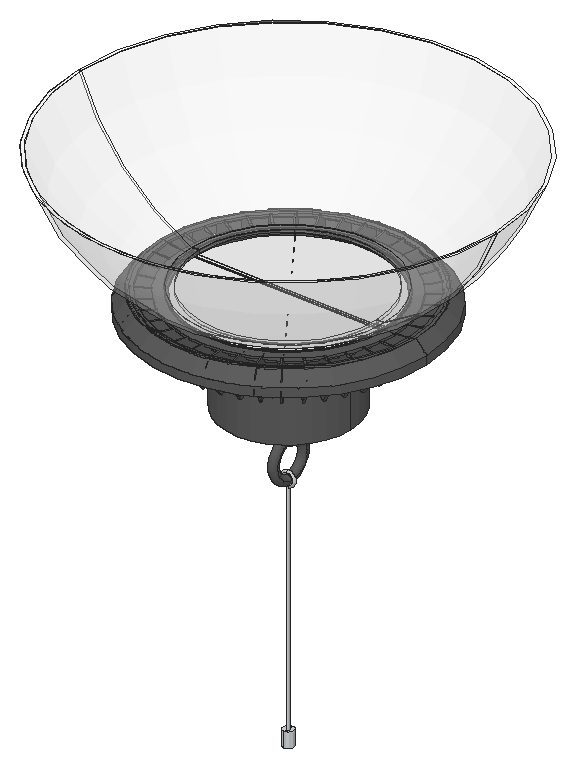
Revit family "0039365+0039358 Sylvania Lighting Fixture START HighBay IP65 DALI 13000lm 840 WB with PC LAMPSHADE TRANSPARENT 13 19KLM pendant", category Lighting Fixtures, host Face, Revit 2017
Family settings
  Host = Face
  Round Connector Dimension = Use Diameter
  Part Type = Normal
  OmniClass Number = 23.80.70.00
  OmniClass Title = Lighting
  Cut with Voids When Loaded = No
  Light Source = Yes
  Shared = No
  Room Calculation Point = No
Parameters (values of type "0039365+0039358 START HighBay IP65 DALI 13000lm 840 WB with PC LAMPSHADE TRANSPARENT 13/19KLM")
  WidthStraight_FEILO = if(SizeS_FEILO, 3 mm, if(SizeM_FEILO, 4 mm, 4.7 mm))  # 3 mm
  WidthRingChamfer_FEILO = if(SizeS_FEILO, 10.3 mm, if(SizeM_FEILO, 11.2 mm, 12.9 mm))  # 10.3 mm
  WidthCurved_FEILO = if(SizeS_FEILO, 17.4 mm, if(SizeM_FEILO, 16.4 mm, 26.2 mm))  # 17.4 mm
  WidthCurvedRing_FEILO = if(SizeS_FEILO, 3 mm, if(SizeM_FEILO, 4 mm, 4.7 mm))  # 3 mm
  WidthBracket_FEILO = 40 mm
  Weight = "3.0 kg"
  Wattage Comments = ""
  Wattage = 90 W
  WarrantyStartDate [instance] = "n/a"
  WarrantyGuarantorParts = "n/a"
  WarrantyDurationUnit = "n/a"
  WarrantyDurationParts = "n/a"
  WarrantyDescription = "n/a"
  built-in parameter 1150110 = 1 (stored number, unit not read)
  Voltage = 0 V
  VisibilityBracket_FEILO = no
  URL = "http://www.sylvania-lighting.com"
  TypeName = "START HighBay IP65 DALI 13000lm 840 WB with PC LAMPSHADE TRANSPARENT 13/19KLM"
  Type Image = <None>
  Type Comments = "n/a"
  built-in parameter 1114217 = 1 (stored number, unit not read)
  Tilt Angle = -90.00°
  ThicknessWall_FEILO = 1.5 mm
  ThicknessBracket_FEILO = 1.5 mm
  ThicknessBracketHalf_FEILO = ThicknessBracket_FEILO / 2  # 0.75 mm
  built-in parameter 1150109 = 1 (stored number, unit not read)
  built-in parameter 1150134 = 1
  SuspensionHeight_FEILO [instance] = 400 mm
  built-in parameter 1150113 = 1 (stored number, unit not read)
  SizeS_FEILO = yes
  SizeM_FEILO = no
  ShadeThickness_FEILO = 3 mm
  ShadeSizeSM_FEILO = or(SizeS_FEILO, SizeM_FEILO)  # yes
  ShadeRadiusOut_FEILO = 205 mm
  ShadeRadiusIn_FEILO = if(ShadeSizeSM_FEILO, 95 mm, 121 mm)  # 95 mm
  ShadeRadiusBend_FEILO = if(ShadeSizeSM_FEILO, 210 mm, 210 mm)  # 210 mm
  ShadeHeight_FEILO = if(ShadeSizeSM_FEILO, 120 mm, 151 mm)  # 120 mm
  SerialNumber [instance] = "n/a"
  Rib4_FEILO = if(SizeS_FEILO, 18.1 mm, if(SizeM_FEILO, 13.6 mm, 14.6 mm))  # 18.1 mm
  Rib3_FEILO = if(SizeS_FEILO, 15.3 mm, if(SizeM_FEILO, 17.6 mm, 20.2 mm))  # 15.3 mm
  Rib2_FEILO = if(SizeS_FEILO, 3.6 mm, if(SizeM_FEILO, 3.9 mm, 4.5 mm))  # 3.6 mm
  Rib1_FEILO = if(SizeS_FEILO, 15.1 mm, if(SizeM_FEILO, 16.5 mm, 19 mm))  # 15.1 mm
  RadiusDiffuser_FEILO = if(SizeS_FEILO, 95.2 mm, if(SizeM_FEILO, 105.3 mm, 120 mm))  # 95.2 mm
  RadiusArrayPost_FEILO = DriverRadius_FEILO - 6 mm  # 55.4 mm
  RHRadius3_FEILO = if(SizeS_FEILO, 6.6 mm, if(SizeM_FEILO, 7.4 mm, 8.6 mm))  # 6.6 mm
  RHRadius2_FEILO = if(SizeS_FEILO, 11 mm, if(SizeM_FEILO, 12 mm, 14 mm))  # 11 mm
  RHRadius1_FEILO = if(SizeS_FEILO, 13.6 mm, if(SizeM_FEILO, 14.9 mm, 17.7 mm))  # 13.6 mm
  RHHeight4_FEILO = if(SizeS_FEILO, 7.3 mm, if(SizeM_FEILO, 8 mm, 9.2 mm))  # 7.3 mm
  RHHeight3_FEILO = if(SizeS_FEILO, 3.6 mm, if(SizeM_FEILO, 3.7 mm, 4.6 mm))  # 3.6 mm
  RHHeight2_FEILO = if(SizeS_FEILO, 2 mm, if(SizeM_FEILO, 2.2 mm, 2.6 mm))  # 2 mm
  RHHeight1_FEILO = if(SizeS_FEILO, 11.8 mm, if(SizeM_FEILO, 15.3 mm, 17.4 mm))  # 11.8 mm
  Photometric Web File = "0039365+0039358.ies"
  Material_5_FEILO = Shade-Sylvania-StartHighbay-PC
  Material_3_FEILO = LED-Sylvania-StartHighbay-Glow
  PowerFactor = 0.95
  PowerConsumption = "90 W"
  NominalLength = 270 mm
  NominalHeight = 175 mm
  NominalDepth = 270 mm
  Name = "START HighBay IP65 DALI 13000lm 840 WB with PC LAMPSHADE TRANSPARENT 13/19KLM"
  ModelReference = Name  # "START HighBay IP65 DALI 13000lm 840 WB with PC LAMPSHADE TRANSPARENT 13/19KLM"
  ModelNumber = "0039365+0039358"
  Model = Name  # "START HighBay IP65 DALI 13000lm 840 WB with PC LAMPSHADE TRANSPARENT 13/19KLM"
  Material = "aluminium alloy housing, polycarbonate diffuser"
  ManufacturerName = "Feilo Sylvania"
  Manufacturer = "Feilo Sylvania"
  LuminousEfficacy = "130 lm/W"
  built-in parameter 1150105 = 15814.1 (stored number, unit not read)
  Lumens = 11700 lm
  LuminaireType = ""
  built-in parameter 1150115 = 1 (stored number, unit not read)
  LightOutputRatio = "n/a"
  built-in parameter 1150137 = (empty or 0)
  built-in parameter 1150139 = (empty or 0)
  LampsType = Lamp  # "LED"
  LampNominalLuminous = "11700 lm"
  LampMacAdamStep = "6"
  LampColourTemperature = "6500 K"
  LampColourRenderingIndex = "80"
  built-in parameter 1150112 = 1 (stored number, unit not read)
  built-in parameter 1150114 = 1 (stored number, unit not read)
  Lamp = "LED"
  Keynote = "16500"
  InstallationDate [instance] = "n/a"
  InputVoltage = "n/a"
  InputNominalFrequency = "50/60 Hz"
  built-in parameter 1150132 = (empty or 0)
  built-in parameter 1150102 = (empty or 0)
  built-in parameter 1150107 = 6500 (stored number, unit not read)
  built-in parameter 1150138 = (empty or 0)
  IngressProtection = "IP65"
  ImpactProtectionIndex = "IK08"
  built-in parameter 1150106 = 158.14 (stored number, unit not read)
  IfcExportType = "IfcLightFixtureType"
  IfcExportAs = "IfcLightFixtureType"
  HeightRing_FEILO = if(SizeS_FEILO, 19.8 mm, if(SizeM_FEILO, 32 mm, 36.8 mm))  # 19.8 mm
  HeightRingChamfer_FEILO = if(SizeS_FEILO, 11.7 mm, if(SizeM_FEILO, 23.2 mm, 26.6 mm))  # 11.7 mm
  EyeThickness_FEILO = if(SizeS_FEILO, 8.4 mm, if(SizeM_FEILO, 9.2 mm, 10.5 mm))  # 8.4 mm
  EyeThicknessHalf_FEILO = EyeThickness_FEILO / 2  # 4.2 mm
  EyeInner_FEILO = if(SizeS_FEILO, 13.8 mm, if(SizeM_FEILO, 15.1 mm, 17.3 mm))  # 13.8 mm
  ExpectedLife = 50000
  Emit from Circle Diameter = RadiusDiffuser_FEILO * 2  # 190.4 mm
  Emit Shape Visible in Rendering = no
  ElectricShockClassification = "Class I"
  built-in parameter 1150104 = 12.077 (stored number, unit not read)
  DurationUnit = "hours"
  DriverVerticalStraight_FEILO = if(SizeS_FEILO, 46.5 mm, if(SizeM_FEILO, 49.7 mm, 57 mm))  # 46.5 mm
  DriverVerticalChamfer_FEILO = if(SizeS_FEILO, 7.5 mm, if(SizeM_FEILO, 8.2 mm, 9.5 mm))  # 7.5 mm
  DriverRadius_FEILO = if(SizeS_FEILO, 61.4 mm, if(SizeM_FEILO, 67.2 mm, 76.4 mm))  # 61.4 mm
  DriverRadiusTop_FEILO = if(SizeS_FEILO, 42 mm, if(SizeM_FEILO, 45.3 mm, 52.4 mm))  # 42 mm
  DriverBottom_FEILO = if(SizeS_FEILO, 56 mm, if(SizeM_FEILO, 64.5 mm, 74 mm))  # 56 mm
  DocumentationLiterature = "http://www.sylvania-lighting.com/product/en-int/products/0039365"
  DimmingControlOptions = "Dimmable"
  Material_2_FEILO = Diffuser-Sylvania-StartHighbay-Transparent
  Radius_FEILO = if(SizeS_FEILO, 135 mm, if(SizeM_FEILO, 148 mm, 169.5 mm))  # 135 mm
  Dimming Lamp Color Temperature Shift = <None>
  DiameterWire_FEILO = 3 mm
  DiameterWireSupport_FEILO = 10 mm
  Description = "START Highbay, includes 1 m cables, black aluminium housing, 11,700 Lm, 90 W, 130 Lm/W, 6500 K, drive current: 2000 mA, CRI 80, 90° beam angle, DALI dimmable, IP65, IK08, 50,000 hrs (L80/B50), (D x H) 270 x 175 mm."
  Default Elevation = 1219.2 mm
  CreatedOn = "5/15/2018"
  CreatedBy = ""
  Cost = 0
  Color Filter = 16777215
  built-in parameter 1114216 [instance] = (empty or 0)
  ClassificationValue = "EF_70_80"
  ClassificationName = "Uniclass2015"
  Material_1_FEILO = Body-Sylvania-StartHighbay-Black
  BarCode [instance] = "n/a"
  built-in parameter 1114218 = 1 (stored number, unit not read)
  built-in parameter 1150133 = 10 (stored number, unit not read)
  AssetType = "Fixed"
  AssetIdentifier [instance] = "n/a"
  Assembly Code = "D5020200"
  Apparent Load = 90 VA
  Material_4_FEILO = Shade-Sylvania-StartHighbay-PC
Reference planes
  plane 1 "Center (Front/Back)": y = 0
  plane 2: z = 0
  plane 3 "Center (Left/Right)": x = 0
  plane 4: z = 400
  plane 5: x = -135
  plane 6: x = -124.7
  plane 7: z = 388.3
  plane 8: z = 380.2
  plane 9: x = -121.7
  plane 10: z = 397.375
  plane 11: x = -104.3
  plane 12: x = -95.2
  plane 13: x = -118.7
  plane 14: z = 398.375
  plane 15: z = 396.375
  plane 16: x = -92.2
  plane 17: z = 395.375
  plane 18: x = -133.5
  plane 19: x = -119.9
  plane 20: z = 376.6
  plane 21: x = -104.6
  plane 22: z = 358.5
  plane 23: x = -20
  plane 24: z = 344
  plane 25: x = -61.4
  plane 26: z = 297.5
  plane 27: x = -42
  plane 28: z = 290
  plane 29: x = -13.6
  plane 30: z = 278.2
  plane 31: z = 276.2
  plane 32: x = -11
  plane 33: z = 272.6
  plane 34: z = 265.3
  plane 35: x = -6.6
  plane 36: z = 251.5
  plane 37: z = 237.7
  plane 38: x = 4.2
  plane 39: x = -4.2
  plane 40: z = 229.3
  plane 41: z = 233.5
  plane 42: x = -129.1
  plane 43: x = -132.5
  plane 44: z = 378.7
  plane 45: x = -123.2
  plane 46: z = 320.75
  plane 47: y = -20
  plane 48: y = 20
  plane 49: x = 135
  plane 50: x = 124.7
  plane 51: x = 133.5
  plane 52: x = 129.1
  plane 53: x = 132.5
  plane 54: x = 123.2
  plane 55: z = 240.7
  plane 56: y = 1.5
  plane 57: y = -1.5
  plane 58: z = 239.2
  plane 59: z = 227.8
  plane 60: z = 226.3
  plane 61: y = -5
  plane 62: y = 5
  plane 63: z = 14
  plane 64: x = -205
  plane 65: z = 520
  plane 66: x = -95
  plane 67: x = -87
  plane 68: x = -202
  plane 69: z = 403
Forms (mm)
  Revolve 1, solid, material "Body-Sylvania-StartHighbay-Black" <- "Material_1_FEILO", detail levels medium+fine
    sketch origin (0, 0, 0) x (1, 0, 0) y (0, 0, 1)
      loop
        line (-135, 380.2) -> (-133.5, 380.2) -> (-133.5, 387.734) -> (-125.012, 397.375) -> (-118.7, 397.375) -> (-118.7, 399.16)
        arc (-118.7, 399.16) -> (-120.206, 399.56) -> (-121.7, 400) r 58.981
        line (-121.7, 400) -> (-124.241, 400)
        arc (-124.241, 400) -> (-124.657, 399.911) -> (-124.999, 399.66) r 1.015
        line (-124.999, 399.66) -> (-135, 388.3) -> (-135, 380.2)
      axis (0, 400) -> (0, 380.2)
    angle from 360 to 0
  Revolve 2, solid, material "Body-Sylvania-StartHighbay-Black" <- "Material_1_FEILO", detail levels medium+fine
    sketch origin (0, 0, 0) x (1, 0, 0) y (0, 0, 1)
      loop
        line (-104.3, 395.375) -> (-95.2, 395.375) -> (-95.2, 388.3) -> (0, 388.3) -> (0, 395.375) -> (-92.2, 395.375) -> (-92.2, 396.375) -> (-95.2, 396.375) -> (-95.2, 397.375) -> (-104.3, 397.375) -> (-104.3, 395.375)
      axis (0, 397.375) -> (0, 388.3)
    angle from 360 to 0
  Revolve 3, solid, material "Diffuser-Sylvania-StartHighbay-Transparent" <- "Material_2_FEILO", detail levels medium+fine
    sketch origin (0, 0, 0) x (1, 0, 0) y (0, 0, 1)
      loop
        line (-95.2, 396.375) -> (0, 396.375) -> (0, 398.375) -> (-95.2, 398.375) -> (-95.2, 396.375)
      axis (0, 398.375) -> (0, 396.375)
    angle from 360 to 0
  Revolve 4, solid, material "Body-Sylvania-StartHighbay-Black" <- "Material_1_FEILO"
    sketch origin (0, 0, 0) x (1, 0, 0) y (0, 0, 1)
      loop
        line (-61.4, 358.5) -> (-61.4, 297.5) -> (-42, 290) -> (-13.6, 290) -> (-13.6, 278.2) -> (-11, 276.2) -> (-11, 272.6) -> (-7.037, 266.026)
        arc (-7.037, 266.026) -> (-6.49, 265.494) -> (-5.753, 265.3) r 1.5
        line (-5.753, 265.3) -> (0, 265.3) -> (0, 358.5) -> (-61.4, 358.5)
      axis (0, 358.5) -> (0, 265.3)
    angle from 360 to 0
  Revolve 5, solid, material "Body-Sylvania-StartHighbay-Black" <- "Material_1_FEILO"
    sketch origin (0, 0, 0) x (1, 0, 0) y (0, 0, 1)
      loop
        circle (0, 233.5) r 4.2
      axis (4.2, 251.5) -> (-4.2, 251.5)
    angle from 360 to 0
  Extrusion 6, solid, material "Body-Sylvania-StartHighbay-Black" <- "Material_1_FEILO", visible <- "VisibilityBracket_FEILO"
    sketch origin (0, 0, 0) x (1, 0, 0) y (0, 0, 1)
      loop
        line (-132.5, 380.2) -> (-132.5, 378.7) -> (-125.45, 378.7)
        arc (-125.45, 378.7) -> (-124.92, 378.48) -> (-124.7, 377.95) r 0.75
        line (-124.7, 377.95) -> (-124.7, 320.75) -> (-123.2, 320.75) -> (-123.2, 378.7)
        arc (-123.2, 378.7) -> (-123.639, 379.761) -> (-124.7, 380.2) r 1.5
        line (-124.7, 380.2) -> (-132.5, 380.2)
      loop
        line (132.5, 380.2) -> (124.7, 380.2)
        arc (124.7, 380.2) -> (123.639, 379.761) -> (123.2, 378.7) r 1.5
        line (123.2, 378.7) -> (123.2, 320.75) -> (124.7, 320.75) -> (124.7, 377.95)
        arc (124.7, 377.95) -> (124.92, 378.48) -> (125.45, 378.7) r 0.75
        line (125.45, 378.7) -> (132.5, 378.7) -> (132.5, 380.2)
    from -20 to 20
  Extrusion 7, void
    sketch origin (0, 0, 0) x (0, 1, 0) y (0, 0, 1)
      loop
        arc (-10, 320.75) -> (-17.071, 323.679) -> (-20, 330.75) r 10
        line (-20, 330.75) -> (-25, 330.75) -> (-25, 315.75) -> (-10, 315.75) -> (-10, 320.75)
      loop
        line (10, 320.75) -> (10, 315.75) -> (25, 315.75) -> (25, 330.75) -> (20, 330.75)
        arc (20, 330.75) -> (17.071, 323.679) -> (10, 320.75) r 10
    from -124.7 to 124.7
  Revolve 8, solid, material "Body-Sylvania-StartHighbay-Black" <- "Material_1_FEILO", detail levels coarse
    sketch origin (0, 0, 0) x (1, 0, 0) y (0, 0, 1)
      loop
        line (0, 400) -> (-124.7, 400) -> (-135, 388.3) -> (-135, 380.2) -> (-119.9, 380.2) -> (-119.9, 376.6) -> (-104.6, 358.5) -> (0, 358.5) -> (0, 400)
      axis (0, 400) -> (0, 358.5)
    angle from 360 to 0
  Revolve 9, solid
    sketch origin (0, 0, 0) x (0, 1, 0) y (0, 0, 1)
      loop
        circle (0, 239.2) r 1.5
      axis (1.5, 233.5) -> (-1.5, 233.5)
    angle from 360 to 0
  Revolve 10, solid
    sketch origin (0, 0, 0) x (0, 1, 0) y (0, 0, 1)
      loop
        line (0, 0) -> (0, 227.8) -> (-1.5, 227.8) -> (-1.5, 14) -> (-5, 14) -> (-5, 0) -> (0, 0)
      axis (0, 0) -> (0, 227.8)
    angle from 360 to 0
  Revolve 11, solid, material "Shade-Sylvania-StartHighbay-PC" <- "Material_4_FEILO"
    sketch origin (0, 0, 0) x (1, 0, 0) y (0, 0, 1)
      loop
        line (-95, 400) -> (-87, 400) -> (-87, 403) -> (-94.341, 403)
        arc (-94.341, 403) -> (-159.747, 450.78) -> (-201.81, 520) r 207
        line (-201.81, 520) -> (-205, 520)
        arc (-205, 520) -> (-162.101, 448.908) -> (-95, 400) r 210
      axis (0, 520) -> (0, 400)
    angle from 360 to 0
Cuts and joins
  Extrusion 7 cuts Extrusion 6
Lines and regions (mm)
  reference lines
    curve 1: line (-135, 0, 388.3) -> (-124.7, 0, 400)
    curve 2: line (-104.3, 0, 397.375) -> (0, 0, 397.375)
    curve 3: arc (-104.3, 0, 397.375) -> (-113.098, 0, 398.035) -> (-121.7, 0, 400) r 58.981
    curve 4: line (-124.7, 0, 400) -> (-121.7, 0, 400)
    curve 5: line (-125.012, 0, 397.375) -> (-133.5, 0, 387.734)
    curve 6: line (-119.9, 0, 376.6) -> (-104.6, 0, 358.5)
    curve 7: line (-11, 0, 272.6) -> (-6.6, 0, 265.3)
    curve 8: circle (0, 0, 233.5) r 4.2 normal (0, -1, 0)
    curve 9: arc (-95, 0, 400) -> (-162.101, 0, 448.908) -> (-205, 0, 520) r 210
Dimensions and locks
  "Radius_FEILO": plane 3 "Center (Left/Right)" to plane 5
  "WidthRingChamfer_FEILO": plane 6 to plane 5
  "WidthStraight_FEILO": plane 9 to plane 6
  "WidthCurvedRing_FEILO": plane 13 to plane 9
  locked: plane 10 to plane 15 at 1
  locked: plane 14 to plane 10 at 1
  locked: plane 4 to plane 10 at 2.625
  locked: plane 15 to plane 17 at 1
  "ThicknessWall_FEILO": plane 18 to plane 5
  "ThicknessWall_FEILO": curve 5 to curve 1
  "HeightRingChamfer_FEILO": plane 4 to plane 7
  "HeightRing_FEILO": plane 4 to plane 8
  "RadiusDiffuser_FEILO": plane 3 "Center (Left/Right)" to plane 12
  locked: plane 16 to plane 12 at 3
  "WidthCurved_FEILO": plane 11 to plane 9
  "SuspensionHeight_FEILO": plane 4 to plane 2
  "Rib1_FEILO": plane 19 to plane 5
  "Rib2_FEILO": plane 8 to plane 20
  "Rib3_FEILO": plane 21 to plane 19
  "Rib4_FEILO": plane 20 to plane 22
  locked: plane 3 "Center (Left/Right)" to plane 23 at 20
  "DriverBottom_FEILO": plane 4 to plane 24
  "DriverRadius_FEILO": plane 3 "Center (Left/Right)" to plane 25
  "DriverVerticalStraight_FEILO": plane 24 to plane 26
  "DriverRadiusTop_FEILO": plane 3 "Center (Left/Right)" to plane 27
  "DriverVerticalChamfer_FEILO": plane 26 to plane 28
  "RHRadius1_FEILO": plane 3 "Center (Left/Right)" to plane 29
  "RHHeight2_FEILO": plane 30 to plane 31
  "RHRadius2_FEILO": plane 3 "Center (Left/Right)" to plane 32
  "RHHeight3_FEILO": plane 31 to plane 33
  "RHHeight4_FEILO": plane 33 to plane 34
  "RHRadius3_FEILO": plane 3 "Center (Left/Right)" to plane 35
  "RHHeight1_FEILO": plane 28 to plane 30
  "EyeInner_FEILO": plane 34 to plane 36
  "EyeInner_FEILO": plane 36 to plane 37
  equal spacing: plane 38, plane 3 "Center (Left/Right)", plane 39
  "EyeThickness_FEILO": plane 38 to plane 39
  "EyeThickness_FEILO": plane 37 to plane 40
  equal spacing: plane 37, plane 41, plane 40
  equal spacing: plane 6, plane 42, plane 18
  "ThicknessBracket_FEILO": plane 45 to plane 6
  "ThicknessBracket_FEILO": plane 8 to plane 44
  locked: plane 43 to plane 18 at 1
  equal spacing: plane 24, plane 46, plane 26
  equal spacing: plane 47, plane 1 "Center (Front/Back)", plane 48
  "WidthBracket_FEILO": plane 47 to plane 48
  "WidthRingChamfer_FEILO": plane 50 to plane 49
  "ThicknessWall_FEILO": plane 51 to plane 49
  equal spacing: plane 50, plane 52, plane 51
  "ThicknessBracket_FEILO": plane 54 to plane 50
  locked: plane 53 to plane 51 at 1
  "Radius_FEILO": plane 49 to plane 3 "Center (Left/Right)"
  equal spacing: plane 57, imposter light, plane 56
  "DiameterWire_FEILO": plane 57 to plane 56
  "DiameterWire_FEILO": plane 37 to plane 55
  equal spacing: plane 37, plane 58, plane 55
  "DiameterWire_FEILO": plane 60 to plane 40
  equal spacing: plane 60, plane 59, plane 40
  equal spacing: plane 61, plane 1 "Center (Front/Back)", plane 62
  "DiameterWireSupport_FEILO": plane 61 to plane 62
  locked: plane 63 to plane 2 at 14
  "ShadeRadiusOut_FEILO": plane 3 "Center (Left/Right)" to plane 64
  "ShadeHeight_FEILO": plane 65 to plane 4
  "ShadeRadiusIn_FEILO": plane 3 "Center (Left/Right)" to plane 66
  locked: plane 67 to plane 66 at 8
  "ShadeThickness_FEILO": plane 69 to plane 4
  "ShadeThickness_FEILO": plane 68 to plane 64
  "EyeThicknessHalf_FEILO": radius of curve 8
  "ThicknessBracket_FEILO": radius of Extrusion 6 sketch curve  (x2)
  "ThicknessBracketHalf_FEILO": radius of Extrusion 6 sketch curve  (x2)
  "DiameterWire_FEILO": diameter of Revolve 9 sketch curve
  "ShadeRadiusBend_FEILO": radius of curve 9
  aligned and locked: plane 2 to host face
  aligned and locked: level to host face
  aligned and locked: plane 5 to curve 1
  aligned and locked: plane 6 to curve 1
  aligned and locked: plane 7 to curve 1
  aligned and locked: plane 10 to curve 2
  aligned and locked: plane 9 to curve 3
  aligned and locked: plane 4 to curve 3
  aligned and locked: plane 11 to curve 3
  aligned and locked: plane 4 to curve 4
  aligned and locked: plane 18 to curve 5
  aligned and locked: plane 10 to curve 5
  aligned and locked: Revolve 1 sketch curve to plane 3 "Center (Left/Right)"
  aligned and locked: Revolve 1 sketch curve to curve 3
  aligned and locked: Revolve 1 sketch curve to curve 1
  aligned and locked: plane 4 to Revolve 1 sketch curve
  aligned and locked: plane 9 to Revolve 1 sketch curve
  aligned and locked: Revolve 1 sketch curve to plane 13
  aligned and locked: Revolve 1 sketch curve to plane 10
  aligned and locked: plane 13 to Revolve 1 sketch curve
  aligned and locked: plane 10 to Revolve 1 sketch curve
  aligned and locked: Revolve 1 sketch curve to plane 18
  aligned and locked: Revolve 1 sketch curve to plane 8
  aligned and locked: plane 5 to Revolve 1 sketch curve  (x2)
  aligned and locked: Revolve 2 sketch curve to plane 3 "Center (Left/Right)"
  aligned and locked: plane 11 to Revolve 2 sketch curve
  aligned and locked: Revolve 2 sketch curve to curve 2
  aligned and locked: plane 15 to Revolve 2 sketch curve
  aligned and locked: Revolve 2 sketch curve to plane 16
  aligned and locked: plane 17 to Revolve 2 sketch curve  (x2)
  aligned and locked: Revolve 2 sketch curve to plane 12
  aligned and locked: plane 7 to Revolve 2 sketch curve
  aligned and locked: Revolve 3 sketch curve to plane 3 "Center (Left/Right)"
  aligned and locked: Revolve 3 sketch curve to plane 14
  aligned and locked: plane 3 "Center (Left/Right)" to Revolve 3 sketch curve
  aligned and locked: Revolve 3 sketch curve to plane 12
  aligned and locked: plane 15 to Revolve 3 sketch curve
  aligned and locked: Revolve 1 sketch curve to curve 5
  aligned and locked: plane 22 to curve 6
  aligned and locked: plane 21 to curve 6
  aligned and locked: plane 20 to curve 6
  aligned and locked: plane 19 to curve 6
  aligned and locked: plane 33 to curve 7
  aligned and locked: plane 32 to curve 7
  aligned and locked: plane 35 to curve 7
  aligned and locked: plane 34 to curve 7
  aligned and locked: Revolve 4 sketch curve to plane 3 "Center (Left/Right)"
  aligned and locked: Revolve 4 sketch curve to plane 25
  aligned and locked: plane 27 to Revolve 4 sketch curve
  aligned and locked: plane 28 to Revolve 4 sketch curve
  aligned and locked: plane 30 to Revolve 4 sketch curve
  aligned and locked: Revolve 4 sketch curve to plane 29
  aligned and locked: plane 31 to Revolve 4 sketch curve
  aligned and locked: Revolve 4 sketch curve to curve 7
  aligned and locked: Revolve 4 sketch curve to plane 32
  aligned and locked: plane 34 to Revolve 4 sketch curve
  aligned and locked: plane 3 "Center (Left/Right)" to Revolve 4 sketch curve
  aligned and locked: plane 3 "Center (Left/Right)" to curve 8
  aligned and locked: plane 41 to curve 8
  aligned and locked: Revolve 5 sketch curve to plane 36
  aligned and locked: Revolve 5 sketch curve to curve 8
  aligned and locked: plane 43 to Extrusion 6 sketch curve  (x2)
  aligned and locked: plane 8 to Extrusion 6 sketch curve  (x3)
  aligned and locked: Extrusion 6 sketch curve to plane 45
  aligned and locked: Extrusion 6 sketch curve to plane 46  (x2)
  aligned and locked: plane 6 to Extrusion 6 sketch curve
  aligned and locked: Extrusion 6 sketch curve to plane 44  (x2)
  aligned and locked: Extrusion 6 to plane 48
  aligned and locked: plane 47 to Extrusion 6
  aligned and locked: plane 53 to Extrusion 6 sketch curve
  aligned and locked: plane 50 to Extrusion 6 sketch curve
  aligned and locked: Extrusion 6 sketch curve to plane 54
  aligned and locked: Extrusion 7 sketch curve to Extrusion 7 sketch curve
  aligned and locked: Extrusion 7 to plane 6
  aligned and locked: Extrusion 7 to Extrusion 6
  aligned and locked: Revolve 4 sketch curve to plane 22
  aligned and locked: plane 23 to nested 1
  aligned and locked: plane 1 "Center (Front/Back)" to nested 1
  aligned and locked: Revolve 8 sketch curve to plane 3 "Center (Left/Right)"
  aligned and locked: Revolve 8 sketch curve to plane 4
  aligned and locked: plane 6 to Revolve 8 sketch curve
  aligned and locked: plane 4 to Revolve 8 sketch curve
  aligned and locked: plane 7 to Revolve 8 sketch curve
  aligned and locked: Revolve 8 sketch curve to plane 5
  aligned and locked: plane 8 to Revolve 8 sketch curve  (x2)
  aligned and locked: Revolve 8 sketch curve to plane 19
  aligned and locked: plane 20 to Revolve 8 sketch curve
  aligned and locked: plane 19 to Revolve 8 sketch curve
  aligned and locked: plane 21 to Revolve 8 sketch curve
  aligned and locked: plane 22 to Revolve 8 sketch curve  (x2)
  aligned and locked: Revolve 8 sketch curve to Revolve 8 sketch curve
  aligned and locked: imposter light to plane 4
  aligned and locked: plane 3 "Center (Left/Right)" to imposter light
  aligned and locked: imposter light to plane 1 "Center (Front/Back)"
  aligned and locked: Revolve 9 sketch curve to plane 41
  aligned and locked: Revolve 10 sketch curve to plane 1 "Center (Front/Back)"
  aligned and locked: plane 1 "Center (Front/Back)" to Revolve 10 sketch curve  (x2)
  aligned and locked: host face to Revolve 10 sketch curve
  aligned and locked: plane 63 to Revolve 10 sketch curve
  aligned and locked: Revolve 10 sketch curve to plane 61
  aligned and locked: Revolve 10 sketch curve to plane 57
  aligned and locked: plane 59 to Revolve 10 sketch curve
  aligned and locked: plane 64 to curve 9
  aligned and locked: plane 65 to curve 9
  aligned and locked: plane 66 to curve 9
  aligned and locked: plane 4 to curve 9
  aligned and locked: Revolve 11 sketch curve to curve 9
  aligned and locked: plane 67 to Revolve 11 sketch curve
  aligned and locked: plane 66 to Revolve 11 sketch curve
  aligned and locked: plane 65 to Revolve 11 sketch curve  (x2)
  aligned and locked: Revolve 11 sketch curve to plane 67
  aligned and locked: plane 69 to Revolve 11 sketch curve
Automatic sketch dimensions
  host sketch curve to host sketch curve = 2438.4 mm  (x2)
  Revolve 1 sketch curve to plane 6 = 0.299 mm
  plane 6 to Revolve 1 sketch curve = 0.459 mm
  Revolve 1 sketch curve to level = 609.6 mm
  Revolve 1 sketch curve to Revolve 1 sketch curve = 2312.223 mm
  Revolve 2 sketch curve to plane 12 = 0 mm
  Revolve 2 sketch curve to plane 3 "Center (Left/Right)" = 0 mm
  Revolve 2 sketch curve to level = 609.6 mm
  Revolve 2 sketch curve to plane 4 = 2339.058 mm
  Revolve 3 sketch curve to level = 609.6 mm
  Revolve 3 sketch curve to plane 4 = 2339.058 mm
  Revolve 5 sketch curve to plane 5 = 1080 mm
  plane 38 to Revolve 5 sketch curve = 1219.2 mm
  Extrusion 7 sketch curve to plane 47 = 0 mm
  plane 46 to Extrusion 7 sketch curve = 0 mm  (x2)
  Extrusion 7 sketch curve to plane 48 = 0 mm
  plane 47 to Extrusion 7 sketch curve = 5 mm
  plane 1 "Center (Front/Back)" to Extrusion 7 sketch curve = 10 mm
  Extrusion 7 sketch curve to Extrusion 7 sketch curve = 10 mm
  plane 46 to Extrusion 7 sketch curve = 5 mm
  Extrusion 7 sketch curve to Extrusion 7 sketch curve = 5 mm
  Extrusion 7 sketch curve to plane 48 = 5 mm
  Revolve 4 sketch curve to plane 26 = 0 mm
  Revolve 4 sketch curve to plane 35 = 0.437 mm
  plane 35 to Revolve 4 sketch curve = 0.847 mm
  Revolve 4 sketch curve to plane 34 = 0.726 mm
  plane 40 to Revolve 4 sketch curve = 590.2 mm
  Revolve 4 sketch curve to plane 4 = 2339.058 mm
  Revolve 8 sketch curve to level = 609.6 mm
  Revolve 8 sketch curve to Revolve 8 sketch curve = 2386.058 mm
  Revolve 9 sketch curve to plane 1 "Center (Front/Back)" = 0 mm
  plane 58 to Revolve 9 sketch curve = 0 mm
  plane 47 to Revolve 9 sketch curve = 2534.941 mm
  Revolve 9 sketch curve to plane 48 = 2077.409 mm
  Revolve 10 sketch curve to Revolve 10 sketch curve = 609.6 mm
  Revolve 10 sketch curve to plane 4 = 2123.807 mm
  curve 2 to plane 3 "Center (Left/Right)" = 0 mm
  Revolve 11 sketch curve to Revolve 11 sketch curve = 0 mm  (x2)
  Revolve 11 sketch curve to plane 3 "Center (Left/Right)" = 0 mm
  plane 66 to Revolve 11 sketch curve = 0.659 mm
  Revolve 11 sketch curve to level = 609.6 mm
  Revolve 11 sketch curve to Revolve 11 sketch curve = 2068.248 mm
Nested families
  nested 1: "Start Highbay Rib" at (0, 0, 397.375), type "Type Name", detail levels medium+fine
    with SuspensionHeight_FEILO 2.6 mm
  nested 2: "Start Highbay Rib" at (0, 0, 397.375) x (0.9877, 0.1564, 0) z (0, 0, 1), type "Type Name", detail levels medium+fine
    with SuspensionHeight_FEILO 2.6 mm
  nested 3: "Start Highbay Rib" at (0, 0, 397.375) x (0.9511, 0.309, 0) z (0, 0, 1), type "Type Name", detail levels medium+fine
    with SuspensionHeight_FEILO 2.6 mm
  nested 4: "Start Highbay Rib" at (0, 0, 397.375) x (0.891, 0.454, 0) z (0, 0, 1), type "Type Name", detail levels medium+fine
    with SuspensionHeight_FEILO 2.6 mm
  nested 5: "Start Highbay Rib" at (0, 0, 397.375) x (0.809, 0.5878, 0) z (0, 0, 1), type "Type Name", detail levels medium+fine
    with SuspensionHeight_FEILO 2.6 mm
  nested 6: "Start Highbay Rib" at (0, 0, 397.375) x (0.7071, 0.7071, 0) z (0, 0, 1), type "Type Name", detail levels medium+fine
    with SuspensionHeight_FEILO 2.6 mm
  nested 7: "Start Highbay Rib" at (0, 0, 397.375) x (0.5878, 0.809, 0) z (0, 0, 1), type "Type Name", detail levels medium+fine
    with SuspensionHeight_FEILO 2.6 mm
  nested 8: "Start Highbay Rib" at (0, 0, 397.375) x (0.454, 0.891, 0) z (0, 0, 1), type "Type Name", detail levels medium+fine
    with SuspensionHeight_FEILO 2.6 mm
  nested 9: "Start Highbay Rib" at (0, 0, 397.375) x (0.309, 0.9511, 0) z (0, 0, 1), type "Type Name", detail levels medium+fine
    with SuspensionHeight_FEILO 2.6 mm
  nested 10: "Start Highbay Rib" at (0, 0, 397.375) x (0.1564, 0.9877, 0) z (0, 0, 1), type "Type Name", detail levels medium+fine
    with SuspensionHeight_FEILO 2.6 mm
  nested 11: "Start Highbay Rib" at (0, 0, 397.375) x (0, 1, 0) z (0, 0, 1), type "Type Name", detail levels medium+fine
    with SuspensionHeight_FEILO 2.6 mm
  nested 12: "Start Highbay Rib" at (0, 0, 397.375) x (-0.1564, 0.9877, 0) z (0, 0, 1), type "Type Name", detail levels medium+fine
    with SuspensionHeight_FEILO 2.6 mm
  nested 13: "Start Highbay Rib" at (0, 0, 397.375) x (-0.309, 0.9511, 0) z (0, 0, 1), type "Type Name", detail levels medium+fine
    with SuspensionHeight_FEILO 2.6 mm
  nested 14: "Start Highbay Rib" at (0, 0, 397.375) x (-0.454, 0.891, 0) z (0, 0, 1), type "Type Name", detail levels medium+fine
    with SuspensionHeight_FEILO 2.6 mm
  nested 15: "Start Highbay Rib" at (0, 0, 397.375) x (-0.5878, 0.809, 0) z (0, 0, 1), type "Type Name", detail levels medium+fine
    with SuspensionHeight_FEILO 2.6 mm
  nested 16: "Start Highbay Rib" at (0, 0, 397.375) x (-0.7071, 0.7071, 0) z (0, 0, 1), type "Type Name", detail levels medium+fine
    with SuspensionHeight_FEILO 2.6 mm
  nested 17: "Start Highbay Rib" at (0, 0, 397.375) x (-0.809, 0.5878, 0) z (0, 0, 1), type "Type Name", detail levels medium+fine
    with SuspensionHeight_FEILO 2.6 mm
  nested 18: "Start Highbay Rib" at (0, 0, 397.375) x (-0.891, 0.454, 0) z (0, 0, 1), type "Type Name", detail levels medium+fine
    with SuspensionHeight_FEILO 2.6 mm
  nested 19: "Start Highbay Rib" at (0, 0, 397.375) x (-0.9511, 0.309, 0) z (0, 0, 1), type "Type Name", detail levels medium+fine
    with SuspensionHeight_FEILO 2.6 mm
  nested 20: "Start Highbay Rib" at (0, 0, 397.375) x (-0.9877, 0.1564, 0) z (0, 0, 1), type "Type Name", detail levels medium+fine
    with SuspensionHeight_FEILO 2.6 mm
  nested 21: "Start Highbay Rib" at (0, 0, 397.375) x (-1, 0, 0) z (0, 0, 1), type "Type Name", detail levels medium+fine
    with SuspensionHeight_FEILO 2.6 mm
  nested 22: "Start Highbay Rib" at (0, 0, 397.375) x (-0.9877, -0.1564, 0) z (0, 0, 1), type "Type Name", detail levels medium+fine
    with SuspensionHeight_FEILO 2.6 mm
  nested 23: "Start Highbay Rib" at (0, 0, 397.375) x (-0.9511, -0.309, 0) z (0, 0, 1), type "Type Name", detail levels medium+fine
    with SuspensionHeight_FEILO 2.6 mm
  nested 24: "Start Highbay Rib" at (0, 0, 397.375) x (-0.891, -0.454, 0) z (0, 0, 1), type "Type Name", detail levels medium+fine
    with SuspensionHeight_FEILO 2.6 mm
  nested 25: "Start Highbay Rib" at (0, 0, 397.375) x (-0.809, -0.5878, 0) z (0, 0, 1), type "Type Name", detail levels medium+fine
    with SuspensionHeight_FEILO 2.6 mm
  nested 26: "Start Highbay Rib" at (0, 0, 397.375) x (-0.7071, -0.7071, 0) z (0, 0, 1), type "Type Name", detail levels medium+fine
    with SuspensionHeight_FEILO 2.6 mm
  nested 27: "Start Highbay Rib" at (0, 0, 397.375) x (-0.5878, -0.809, 0) z (0, 0, 1), type "Type Name", detail levels medium+fine
    with SuspensionHeight_FEILO 2.6 mm
  nested 28: "Start Highbay Rib" at (0, 0, 397.375) x (-0.454, -0.891, 0) z (0, 0, 1), type "Type Name", detail levels medium+fine
    with SuspensionHeight_FEILO 2.6 mm
  nested 29: "Start Highbay Rib" at (0, 0, 397.375) x (-0.309, -0.9511, 0) z (0, 0, 1), type "Type Name", detail levels medium+fine
    with SuspensionHeight_FEILO 2.6 mm
  nested 30: "Start Highbay Rib" at (0, 0, 397.375) x (-0.1564, -0.9877, 0) z (0, 0, 1), type "Type Name", detail levels medium+fine
    with SuspensionHeight_FEILO 2.6 mm
  nested 31: "Start Highbay Rib" at (0, 0, 397.375) x (0, -1, 0) z (0, 0, 1), type "Type Name", detail levels medium+fine
    with SuspensionHeight_FEILO 2.6 mm
  nested 32: "Start Highbay Rib" at (0, 0, 397.375) x (0.1564, -0.9877, 0) z (0, 0, 1), type "Type Name", detail levels medium+fine
    with SuspensionHeight_FEILO 2.6 mm
  nested 33: "Start Highbay Rib" at (0, 0, 397.375) x (0.309, -0.9511, 0) z (0, 0, 1), type "Type Name", detail levels medium+fine
    with SuspensionHeight_FEILO 2.6 mm
  nested 34: "Start Highbay Rib" at (0, 0, 397.375) x (0.454, -0.891, 0) z (0, 0, 1), type "Type Name", detail levels medium+fine
    with SuspensionHeight_FEILO 2.6 mm
  nested 35: "Start Highbay Rib" at (0, 0, 397.375) x (0.5878, -0.809, 0) z (0, 0, 1), type "Type Name", detail levels medium+fine
    with SuspensionHeight_FEILO 2.6 mm
  nested 36: "Start Highbay Rib" at (0, 0, 397.375) x (0.7071, -0.7071, 0) z (0, 0, 1), type "Type Name", detail levels medium+fine
    with SuspensionHeight_FEILO 2.6 mm
  nested 37: "Start Highbay Rib" at (0, 0, 397.375) x (0.809, -0.5878, 0) z (0, 0, 1), type "Type Name", detail levels medium+fine
    with SuspensionHeight_FEILO 2.6 mm
  nested 38: "Start Highbay Rib" at (0, 0, 397.375) x (0.891, -0.454, 0) z (0, 0, 1), type "Type Name", detail levels medium+fine
    with SuspensionHeight_FEILO 2.6 mm
  nested 39: "Start Highbay Rib" at (0, 0, 397.375) x (0.9511, -0.309, 0) z (0, 0, 1), type "Type Name", detail levels medium+fine
    with SuspensionHeight_FEILO 2.6 mm
  nested 40: "Start Highbay Rib" at (0, 0, 397.375) x (0.9877, -0.1564, 0) z (0, 0, 1), type "Type Name", detail levels medium+fine
    with SuspensionHeight_FEILO 2.6 mm
Connectors
  electrical at (0, 0, 0), driven by "Apparent Load", driven by "PowerFactor", driven by "Voltage"
    settings: index 1, voltage 0 V, apparent load 90 VA, apparent load phase1 0 VA, apparent load phase2 0 VA, apparent load phase3 0 VA, power factor 0.95, load classification "Lighting", number of poles 1, system type 30, power factor state 1, is connector primary yes, connector utility no, sub classification motor no, connector description ""
Definition of nested family "Start Highbay Rib"
  Parameters (values of type "Type Name")
    WidthStraight_FEILO = if(SizeS_FEILO, 3 mm, if(SizeM_FEILO, 4 mm, 4.7 mm))  # 3 mm
    WidthRingChamfer_FEILO = if(SizeS_FEILO, 10.3 mm, if(SizeM_FEILO, 11.2 mm, 12.9 mm))  # 10.3 mm
    WidthCurved_FEILO = if(SizeS_FEILO, 17.4 mm, if(SizeM_FEILO, 16.4 mm, 26.2 mm))  # 17.4 mm
    WidthCurvedRing_FEILO = if(SizeS_FEILO, 3 mm, if(SizeM_FEILO, 4 mm, 4.7 mm))  # 3 mm
    WidthBracket_FEILO = 40 mm
    URL = "http://www.feilosylvania.com"
    Type Image = (empty or 0)
    Type Comments = "n/a"
    ThicknessWall_FEILO = 1.5 mm
    ThicknessBracket_FEILO = 1.5 mm
    ThicknessBracketHalf_FEILO = ThicknessBracket_FEILO / 2  # 0.75 mm
    SuspensionHeight_FEILO [instance] = 2.6 mm
    SizeS_FEILO = yes
    SizeM_FEILO = no
    Rib4_FEILO = if(SizeS_FEILO, 18.1 mm, if(SizeM_FEILO, 13.6 mm, 14.6 mm))  # 18.1 mm
    Rib3_FEILO = if(SizeS_FEILO, 15.3 mm, if(SizeM_FEILO, 17.6 mm, 20.2 mm))  # 15.3 mm
    Rib2_FEILO = if(SizeS_FEILO, 3.6 mm, if(SizeM_FEILO, 3.9 mm, 4.5 mm))  # 3.6 mm
    Rib1_FEILO = if(SizeS_FEILO, 15.1 mm, if(SizeM_FEILO, 16.5 mm, 19 mm))  # 15.1 mm
    RadiusRib_FEILO = 2 mm
    RadiusDiffuser_FEILO = if(SizeS_FEILO, 95.2 mm, if(SizeM_FEILO, 105.3 mm, 120 mm))  # 95.2 mm
    RHRadius3_FEILO = if(SizeS_FEILO, 6.6 mm, if(SizeM_FEILO, 7.4 mm, 8.6 mm))  # 6.6 mm
    RHRadius2_FEILO = if(SizeS_FEILO, 11 mm, if(SizeM_FEILO, 12 mm, 14 mm))  # 11 mm
    RHRadius1_FEILO = if(SizeS_FEILO, 13.6 mm, if(SizeM_FEILO, 14.9 mm, 17.7 mm))  # 13.6 mm
    RHHeight4_FEILO = if(SizeS_FEILO, 7.3 mm, if(SizeM_FEILO, 8 mm, 9.2 mm))  # 7.3 mm
    RHHeight3_FEILO = if(SizeS_FEILO, 3.6 mm, if(SizeM_FEILO, 3.7 mm, 4.6 mm))  # 3.6 mm
    RHHeight2_FEILO = if(SizeS_FEILO, 2 mm, if(SizeM_FEILO, 2.2 mm, 2.6 mm))  # 2 mm
    RHHeight1_FEILO = if(SizeS_FEILO, 11.8 mm, if(SizeM_FEILO, 15.3 mm, 17.4 mm))  # 11.8 mm
    Material_3_FEILO = none
    Model = ""
    Manufacturer = "Feilo Sylvania"
    Keynote = "16500"
    HeightRing_FEILO = if(SizeS_FEILO, 19.8 mm, if(SizeM_FEILO, 32 mm, 36.8 mm))  # 19.8 mm
    HeightRingChamfer_FEILO = if(SizeS_FEILO, 11.7 mm, if(SizeM_FEILO, 23.2 mm, 26.6 mm))  # 11.7 mm
    EyeThickness_FEILO = if(SizeS_FEILO, 8.4 mm, if(SizeM_FEILO, 9.2 mm, 10.5 mm))  # 8.4 mm
    EyeThicknessHalf_FEILO = EyeThickness_FEILO / 2  # 4.2 mm
    EyeInner_FEILO = if(SizeS_FEILO, 13.8 mm, if(SizeM_FEILO, 15.1 mm, 17.3 mm))  # 13.8 mm
    DriverVerticalStraight_FEILO = if(SizeS_FEILO, 46.5 mm, if(SizeM_FEILO, 49.7 mm, 57 mm))  # 46.5 mm
    DriverVerticalChamfer_FEILO = if(SizeS_FEILO, 7.5 mm, if(SizeM_FEILO, 8.2 mm, 9.5 mm))  # 7.5 mm
    DriverRadius_FEILO = if(SizeS_FEILO, 61.4 mm, if(SizeM_FEILO, 67.2 mm, 76.4 mm))  # 61.4 mm
    DriverRadiusTop_FEILO = if(SizeS_FEILO, 42 mm, if(SizeM_FEILO, 45.3 mm, 52.4 mm))  # 42 mm
    DriverBottom_FEILO = if(SizeS_FEILO, 56 mm, if(SizeM_FEILO, 64.5 mm, 74 mm))  # 56 mm
    Material_2_FEILO = none
    Radius_FEILO = if(SizeS_FEILO, 135 mm, if(SizeM_FEILO, 148 mm, 169.5 mm))  # 135 mm
    Description = ""
    Default Elevation = 1219.2 mm
    Cost = 0
    Material_1_FEILO = none
    Assembly Code = "D5020200"
    Material_4_FEILO = none
  Reference planes
    plane 1 "Center (Front/Back)": y = 0
    plane 2: z = 0
    plane 3 "Center (Left/Right)": x = 0
    plane 4: z = 2.6
    plane 5: x = -135
    plane 6: x = -124.7
    plane 7: z = -9.1
    plane 8: z = -17.2
    plane 9: x = -121.7
    plane 10: z = -0.025
    plane 11: x = -104.3
    plane 12: x = -95.2
    plane 13: x = -118.7
    plane 14: z = 0.975
    plane 15: z = -1.025
    plane 16: x = -92.2
    plane 17: z = -2.025
    plane 18: x = -133.5
    plane 19: x = -119.9
    plane 20: z = -20.8
    plane 21: x = -104.6
    plane 22: z = -38.9
    plane 23: x = -20
    plane 24: z = -53.4
    plane 25: x = -61.4
    plane 26: z = -99.9
    plane 27: x = -42
    plane 28: z = -107.4
    plane 29: x = -13.6
    plane 30: z = -119.2
    plane 31: z = -121.2
    plane 32: x = -11
    plane 33: z = -124.8
    plane 34: z = -132.1
    plane 35: x = -6.6
    plane 36: z = -145.9
    plane 37: z = -159.7
    plane 38: x = 4.2
    plane 39: x = -4.2
    plane 40: z = -168.1
    plane 41: z = -163.9
    plane 42: x = -129.1
    plane 43: x = -132.5
    plane 44: z = -18.7
    plane 45: x = -123.2
    plane 46: z = -76.65
    plane 47: y = -20
    plane 48: y = 20
    plane 49: x = 135
    plane 50: x = 124.7
    plane 51: x = 133.5
    plane 52: x = 129.1
    plane 53: x = 132.5
    plane 54: x = 123.2
    plane 55: y = 0.75
    plane 56: y = -0.75
  Forms (mm)
    Extrusion 1, solid
      sketch origin (4.2, 0, 0) x (1, 0, 0) y (0, 1, 0)
        loop
          line (-1219.2, 1219.2) -> (-1219.2, -1219.2) -> (1219.2, -1219.2) -> (1219.2, 1219.2) -> (-1219.2, 1219.2)
      from 0 to -68.017
    Extrusion 2, solid, material <- "Material_1_FEILO"
      sketch origin (0, 0, 0) x (1, 0, 0) y (0, 0, 1)
        loop
          arc (-104.3, -0.025) -> (-111.555, 0.423) -> (-118.7, 1.76) r 58.981
          line (-118.7, 1.76) -> (-118.7, -0.025) -> (-125.012, -0.025) -> (-133.5, -9.666) -> (-133.5, -17.2) -> (-119.9, -17.2) -> (-119.9, -20.068)
          arc (-119.9, -20.068) -> (-119.778, -20.755) -> (-119.427, -21.359) r 2
          line (-119.427, -21.359) -> (-104.966, -38.467)
          arc (-104.966, -38.467) -> (-104.381, -38.789) -> (-103.723, -38.9) r 2
          line (-103.723, -38.9) -> (-20, -38.9) -> (-20, -9.1) -> (-95.2, -9.1) -> (-95.2, -2.025) -> (-104.3, -2.025) -> (-104.3, -0.025)
      from -0.75 to 0.75
  Lines and regions (mm)
    reference lines
      curve 1: line (-135, 0, -9.1) -> (-124.7, 0, 2.6)
      curve 2: line (-104.3, 0, -0.025) -> (0, 0, -0.025)
      curve 3: arc (-104.3, 0, -0.025) -> (-113.098, 0, 0.635) -> (-121.7, 0, 2.6) r 58.981
      curve 4: line (-124.7, 0, 2.6) -> (-121.7, 0, 2.6)
      curve 5: line (-125.012, 0, -0.025) -> (-133.5, 0, -9.666)
      curve 6: line (-119.9, 0, -20.8) -> (-104.6, 0, -38.9)
  Dimensions and locks
    "Radius_FEILO": plane 3 "Center (Left/Right)" to plane 5
    "WidthRingChamfer_FEILO": plane 6 to plane 5
    "WidthStraight_FEILO": plane 9 to plane 6
    "WidthCurvedRing_FEILO": plane 13 to plane 9
    locked: plane 10 to plane 15 at 1
    locked: plane 14 to plane 10 at 1
    locked: plane 4 to plane 10 at 2.625
    locked: plane 15 to plane 17 at 1
    "ThicknessWall_FEILO": plane 18 to plane 5
    "ThicknessWall_FEILO": curve 5 to curve 1
    "HeightRingChamfer_FEILO": plane 4 to plane 7
    "HeightRing_FEILO": plane 4 to plane 8
    "RadiusDiffuser_FEILO": plane 3 "Center (Left/Right)" to plane 12
    locked: plane 16 to plane 12 at 3
    "WidthCurved_FEILO": plane 11 to plane 9
    "SuspensionHeight_FEILO": plane 4 to plane 2
    "Rib1_FEILO": plane 19 to plane 5
    "Rib2_FEILO": plane 8 to plane 20
    "Rib3_FEILO": plane 21 to plane 19
    "Rib4_FEILO": plane 20 to plane 22
    locked: plane 3 "Center (Left/Right)" to plane 23 at 20
    "DriverBottom_FEILO": plane 4 to plane 24
    "DriverRadius_FEILO": plane 3 "Center (Left/Right)" to plane 25
    "DriverVerticalStraight_FEILO": plane 24 to plane 26
    "DriverRadiusTop_FEILO": plane 3 "Center (Left/Right)" to plane 27
    "DriverVerticalChamfer_FEILO": plane 26 to plane 28
    "RHRadius1_FEILO": plane 3 "Center (Left/Right)" to plane 29
    "RHHeight2_FEILO": plane 30 to plane 31
    "RHRadius2_FEILO": plane 3 "Center (Left/Right)" to plane 32
    "RHHeight3_FEILO": plane 31 to plane 33
    "RHHeight4_FEILO": plane 33 to plane 34
    "RHRadius3_FEILO": plane 3 "Center (Left/Right)" to plane 35
    "RHHeight1_FEILO": plane 28 to plane 30
    "EyeInner_FEILO": plane 34 to plane 36
    "EyeInner_FEILO": plane 36 to plane 37
    equal spacing: plane 38, plane 3 "Center (Left/Right)", plane 39
    "EyeThickness_FEILO": plane 38 to plane 39
    "EyeThickness_FEILO": plane 37 to plane 40
    equal spacing: plane 37, plane 41, plane 40
    equal spacing: plane 6, plane 42, plane 18
    "ThicknessBracket_FEILO": plane 45 to plane 6
    "ThicknessBracket_FEILO": plane 8 to plane 44
    locked: plane 43 to plane 18 at 1
    equal spacing: plane 24, plane 46, plane 26
    equal spacing: plane 47, plane 1 "Center (Front/Back)", plane 48
    "WidthBracket_FEILO": plane 47 to plane 48
    "WidthRingChamfer_FEILO": plane 50 to plane 49
    "ThicknessWall_FEILO": plane 51 to plane 49
    equal spacing: plane 50, plane 52, plane 51
    "ThicknessBracket_FEILO": plane 54 to plane 50
    locked: plane 53 to plane 51 at 1
    "Radius_FEILO": plane 49 to plane 3 "Center (Left/Right)"
    equal spacing: plane 56, plane 1 "Center (Front/Back)", plane 55
    "ThicknessWall_FEILO": plane 56 to plane 55
    "RadiusRib_FEILO": radius of Extrusion 2 sketch curve  (x2)
    aligned and locked: plane 2 to Extrusion 1
    aligned and locked: level to Extrusion 1
    aligned and locked: plane 5 to curve 1
    aligned and locked: plane 6 to curve 1
    aligned and locked: plane 7 to curve 1
    aligned and locked: plane 10 to curve 2
    aligned and locked: plane 9 to curve 3
    aligned and locked: plane 4 to curve 3
    aligned and locked: plane 11 to curve 3
    aligned and locked: plane 4 to curve 4
    aligned and locked: plane 18 to curve 5
    aligned and locked: plane 10 to curve 5
    aligned and locked: plane 22 to curve 6
    aligned and locked: plane 21 to curve 6
    aligned and locked: plane 20 to curve 6
    aligned and locked: plane 19 to curve 6
    aligned and locked: Extrusion 2 sketch curve to plane 23
    aligned and locked: Extrusion 2 sketch curve to plane 22
    aligned and locked: Extrusion 2 sketch curve to curve 6
    aligned and locked: plane 19 to Extrusion 2 sketch curve
    aligned and locked: Extrusion 2 sketch curve to plane 8
    aligned and locked: Extrusion 2 sketch curve to curve 5
    aligned and locked: Extrusion 2 sketch curve to curve 3
    aligned and locked: Extrusion 2 to plane 55
    aligned and locked: plane 56 to Extrusion 2
    aligned and locked: curve 6 to Extrusion 2 sketch curve
  Automatic sketch dimensions
    Extrusion 1 sketch curve to Extrusion 1 sketch curve = 2438.4 mm  (x2)
    curve 2 to plane 3 "Center (Left/Right)" = 0 mm
    Extrusion 2 sketch curve to plane 18 = 0 mm
    Extrusion 2 sketch curve to plane 10 = 0 mm
    Extrusion 2 sketch curve to plane 13 = 0 mm
    Extrusion 2 sketch curve to plane 7 = 0 mm
    Extrusion 2 sketch curve to plane 12 = 0 mm
    Extrusion 2 sketch curve to plane 17 = 0 mm
    plane 19 to Extrusion 2 sketch curve = 0.473 mm
    Extrusion 2 sketch curve to plane 21 = 0.366 mm
